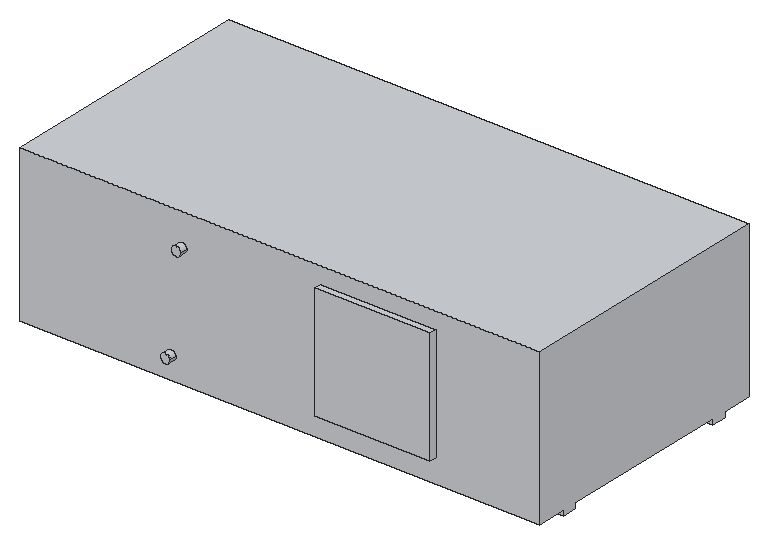
Revit family "819cdda3f25b415eb9470ed85c1f7159", category Mechanical Equipment, Revit 2021
Family settings
  Round Connector Dimension = Use Radius
  Part Type = Normal
  OmniClass Number = 23.75.10.21.17
  OmniClass Title = Water-Source Heat Pumps
  Seek Item ID = WSHP - Horizontal - 6 Tons - Left Return - Right Discharge-0000-USA-ENU
  Work Plane-Based = No
  Always vertical = Yes
  Cut with Voids When Loaded = No
  Shared = No
  Room Calculation Point = No
Parameters (values of type "6 Tons")
  Water Supply Radius = 5/8"
  Water Supply Diameter = Water Supply Radius * 2  # 1 1/4"
  Water Return Radius = 5/8"
  Water Return Diameter = Water Return Radius * 2  # 1 1/4"
  Water Pressure Drop [instance] = 3.80 psi
  Water Flow [instance] = 18 GPM
  Voltage = 460 V
  Supply Air Width = 16"
  Supply Air Height = 16"
  Return Air Width = 51"
  Return Air Height = 18 51/128"
  Pump Width = 3' - 0 77/256"
  Pump Material = none
  Pump Length = 6' - 0 77/256"
  Pump Height = 1' - 9 77/128"
  Number of Poles = 3
  Load Classification = Cooling
  Drain Flow [instance] = 0 GPM
  Default Elevation = 0' - 0"
  Condensate Radius = 3/8"
  Condensate Diameter = Condensate Radius * 2  # 3/4"
  C6 Offset 2 = 0' - 5 77/128"
  C6 Offset 1 = 0' - 2"
  C5 Offset 2 = 0' - 1"
  C5 Offset 1 = 1' - 7 77/128"
  C4 Offset 2 = 0' - 4"
  C4 Offset 1 = 1' - 2 1/2"
  C2 Offset 2 = 0' - 3 115/128"
  C2 Offset 1 = 1' - 9"
  C1 Offset 2 = 1' - 5 205/256"
  C1 Offset 1 = 1' - 10 1/2"
  Apparent Load = 5934 VA
  External Static Pressure [instance] = 1.10 in-wg
  Air Flow [instance] = 2400 CFM
Reference planes (in)
  plane 1 "Center (Front/Back)": y = 0
  plane 2: z = 0
  plane 3 "Center (Left/Right)": x = 0
  plane 4: x = 72.30078
  plane 5: y = 36.30078
  plane 6: z = 0.75
  plane 7: z = 22.35156
  plane 8: y = 30.15039
  plane 9: y = 6.15039
  plane 10: y = 18.15039
  plane 11: y = 32.15039
  plane 12: y = 4.15039
  plane 13: x = 57.80078
  plane 14: x = 41.80078
  plane 15: z = 4
  plane 16: z = 20
  plane 17: y = -1
  plane 18: x = 22.5
  plane 19: z = 17.80078
  plane 20: x = 21
  plane 21: z = 3.89844
  plane 22: z = 1.8
  plane 23: y = 32.10078
  plane 24: x = -1
  plane 25: z = 2.95312
  plane 26: z = 21.35156
  plane 27: x = 70.60156
  plane 28: x = 19.60156
  plane 29: y = 37.30078
  plane 30: z = 5.60156
  plane 31: y = 2
  plane 32: x = 1
Forms (in)
  Extrusion 1, solid, material <- "Pump Material"
    sketch origin (0, 0, 0) x (1, 0, 0) y (0, 1, 0)
      loop
        line (0, 0) -> (72.30078, 0) -> (72.30078, 36.30078) -> (0, 36.30078) -> (0, 0)
    from 0.75 to 22.35156
  Extrusion 2, solid, material <- "Pump Material"
    sketch origin (0, 0, 0) x (1, 0, 0) y (0, 1, 0)
      loop
        line (0, 32.15039) -> (0, 30.15039) -> (72.30078, 30.15039) -> (72.30078, 32.15039) -> (0, 32.15039)
    from 0 to 0.75
  Extrusion 3, solid, material <- "Pump Material"
    sketch origin (0, 0, 0) x (1, 0, 0) y (0, 1, 0)
      loop
        line (0, 6.15039) -> (0, 4.15039) -> (72.30078, 4.15039) -> (72.30078, 6.15039) -> (0, 6.15039)
    from 0 to 0.75
  Extrusion 4, solid, material <- "Pump Material"
    sketch origin (0, 0, 0) x (1, 0, 0) y (0, 0, 1)
      loop
        line (41.80078, 20) -> (41.80078, 4) -> (57.80078, 4) -> (57.80078, 20) -> (41.80078, 20)
    from 0 to 1
  Extrusion 5, solid, material <- "Pump Material"
    sketch origin (0, 0, 0) x (1, 0, 0) y (0, 0, 1)
      loop
        circle (22.5, 17.80078) r 0.625
    from 0 to 1
  Extrusion 6, solid, material <- "Pump Material"
    sketch origin (0, 0, 0) x (1, 0, 0) y (0, 0, 1)
      loop
        circle (21, 3.89844) r 0.625
    from 0 to 1
  Extrusion 7, solid, material <- "Pump Material"
    sketch origin (0, 0, 0) x (0, 1, 0) y (0, 0, 1)
      loop
        circle (32.10078, 1.8) r 0.375
    from 0 to -1
  Extrusion 8, solid, material <- "Pump Material"
    sketch origin (0, 0, 0) x (1, 0, 0) y (0, 0, 1)
      loop
        line (70.60156, 21.35156) -> (19.60156, 21.35156) -> (19.60156, 2.95313) -> (70.60156, 2.95313) -> (70.60156, 21.35156)
    from -36.30078 to -37.30078
  Extrusion 9, solid, material <- "Pump Material"
    sketch origin (0, 0, 0) x (0, 1, 0) y (0, 0, 1)
      loop
        circle (2, 5.60156) r 0.5
    from 0 to 1
Cuts and joins
  joined: Extrusion 1, Extrusion 2, Extrusion 3, Extrusion 4, Extrusion 5, Extrusion 6, Extrusion 7, Extrusion 8, Extrusion 9
Dimensions and locks (in)
  "Pump Length": plane 3 "Center (Left/Right)" to plane 4
  "Pump Width": plane 1 "Center (Front/Back)" to plane 5
  plane 6 to plane 2 = 0' - 0 3/4"
  "Pump Height": plane 7 to plane 6
  equal spacing: plane 5, plane 10, plane 1 "Center (Front/Back)"
  equal spacing: plane 8, plane 10, plane 9
  plane 8 to plane 9 = 2' - 0"
  locked: plane 11 to plane 8 at 2
  locked: plane 9 to plane 12 at 2
  "C4 Offset 1": plane 4 to plane 13
  "Supply Air Width": plane 13 to plane 14
  "C4 Offset 2": plane 15 to plane 2
  "Supply Air Height": plane 16 to plane 15
  locked: plane 17 to plane 1 "Center (Front/Back)" at 1
  "C2 Offset 2": plane 21 to plane 2
  "C2 Offset 1": plane 20 to plane 3 "Center (Left/Right)"
  "C1 Offset 2": plane 19 to plane 2
  "C1 Offset 1": plane 18 to plane 3 "Center (Left/Right)"
  locked: plane 22 to plane 2 at 1.8
  locked: plane 5 to plane 23 at 4.2
  locked: plane 24 to plane 3 "Center (Left/Right)" at 1
  "Return Air Height": plane 25 to plane 26
  "C5 Offset 1": plane 3 "Center (Left/Right)" to plane 28
  "Return Air Width": plane 28 to plane 27
  locked: plane 29 to plane 5 at 1
  "C6 Offset 2": plane 30 to plane 2
  "C6 Offset 1": plane 31 to plane 1 "Center (Front/Back)"
  locked: plane 3 "Center (Left/Right)" to plane 32 at 1
  "C5 Offset 2": plane 26 to plane 7
  "Water Supply Radius": radius of Extrusion 5 sketch curve
  "Water Return Radius": radius of Extrusion 6 sketch curve
  "Condensate Radius": radius of Extrusion 7 sketch curve
  radius of Extrusion 9 sketch curve = 0' - 0 1/2"
  aligned and locked: plane 5 to Extrusion 1
  aligned and locked: plane 4 to Extrusion 1
  aligned and locked: Extrusion 1 to plane 6
  aligned and locked: plane 7 to Extrusion 1
  aligned and locked: plane 11 to Extrusion 2
  aligned and locked: Extrusion 2 to plane 8
  aligned and locked: Extrusion 2 to plane 3 "Center (Left/Right)"
  aligned and locked: plane 4 to Extrusion 2
  aligned and locked: Extrusion 1 to plane 3 "Center (Left/Right)"
  aligned and locked: plane 1 "Center (Front/Back)" to Extrusion 1
  aligned and locked: plane 9 to Extrusion 3
  aligned and locked: Extrusion 3 to plane 12
  aligned and locked: Extrusion 3 to plane 3 "Center (Left/Right)"
  aligned and locked: plane 4 to Extrusion 3
  aligned and locked: plane 6 to Extrusion 3
  aligned and locked: plane 6 to Extrusion 2
  aligned and locked: Extrusion 3 to plane 2
  aligned and locked: Extrusion 2 to plane 2
  aligned and locked: plane 16 to Extrusion 4
  aligned and locked: Extrusion 4 to plane 15
  aligned and locked: Extrusion 4 to plane 14
  aligned and locked: plane 13 to Extrusion 4
  aligned and locked: Extrusion 4 to plane 1 "Center (Front/Back)"
  aligned and locked: Extrusion 4 to plane 17
  aligned and locked: plane 18 to Extrusion 5 sketch curve
  aligned and locked: Extrusion 5 sketch curve to plane 19
  aligned and locked: plane 20 to Extrusion 6 sketch curve
  aligned and locked: Extrusion 6 sketch curve to plane 21
  aligned and locked: Extrusion 5 to plane 17
  aligned and locked: Extrusion 6 to plane 17
  aligned and locked: plane 23 to Extrusion 7 sketch curve
  aligned and locked: plane 22 to Extrusion 7 sketch curve
  aligned and locked: Extrusion 7 to plane 3 "Center (Left/Right)"
  aligned and locked: Extrusion 7 to plane 24
  aligned and locked: Extrusion 8 to plane 26
  aligned and locked: Extrusion 8 to plane 25
  aligned and locked: Extrusion 8 to plane 27
  aligned and locked: plane 28 to Extrusion 8
  aligned and locked: Extrusion 8 to plane 29
  aligned and locked: Extrusion 8 to plane 5
  aligned and locked: plane 30 to Extrusion 9 sketch curve
  aligned and locked: plane 31 to Extrusion 9 sketch curve
  aligned and locked: Extrusion 9 to plane 3 "Center (Left/Right)"
  aligned and locked: plane 32 to Extrusion 9
Automatic sketch dimensions
  Extrusion 1 sketch curve to plane 3 "Center (Left/Right)" = 0' - 0"
  Extrusion 1 sketch curve to plane 4 = 0' - 0"
  Extrusion 1 sketch curve to plane 1 "Center (Front/Back)" = 0' - 0"
  Extrusion 1 sketch curve to plane 5 = 0' - 0"
  Extrusion 2 sketch curve to plane 3 "Center (Left/Right)" = 0' - 0"
  Extrusion 2 sketch curve to plane 4 = 0' - 0"
  Extrusion 2 sketch curve to plane 5 = 0' - 6.15039"
  Extrusion 2 sketch curve to Extrusion 2 sketch curve = 0' - 2"
  Extrusion 3 sketch curve to plane 12 = 0' - 0"
  plane 3 "Center (Left/Right)" to Extrusion 3 sketch curve = 0' - 0"
  Extrusion 3 sketch curve to plane 4 = 0' - 0"
  plane 9 to Extrusion 3 sketch curve = 0' - 0"
  Extrusion 4 sketch curve to plane 14 = 0' - 0"
  plane 13 to Extrusion 4 sketch curve = 0' - 0"
  plane 15 to Extrusion 4 sketch curve = 0' - 0"
  Extrusion 4 sketch curve to plane 16 = 0' - 0"
  plane 19 to Extrusion 8 sketch curve = 0' - 3 141/256"
  Extrusion 8 sketch curve to plane 18 = 0' - 2 115/128"
  plane 27 to Extrusion 8 sketch curve = 0' - 0"
  Extrusion 8 sketch curve to plane 15 = 0' - 1 3/64"
Connectors (in)
  piping at (22.5, -1, 17.80078), diameter 1.25, driven by "Water Supply Radius", driven by "Water Flow"
    settings: on Extrusion 5, index 1, connector inside diameter 1 1/4", connector length 0' - 0", flow factor 0, pipe flow 18 GPM, pressure drop 0.00 psi, fitting loss kfactor 0, connector angle 0.00°, fixture units 0, engagement length 0' - 0", angle of deflection 0.00°, flow configuration 1, flow direction 1, fitting loss method 0, system type 7, joint type 0, gender type 0, connector reference index 2, connector utility 0, adjustable connector no, is connector primary yes, connector description "Water Supply In"
  piping at (21, -1, 3.89844), diameter 1.25, driven by "Water Flow", driven by "Water Return Radius", driven by "Water Pressure Drop"
    settings: on Extrusion 6, index 2, connector inside diameter 1 1/4", connector length 0' - 0", flow factor 0, pipe flow 18 GPM, pressure drop 3.80 psi, fitting loss kfactor 0, connector angle 0.00°, fixture units 0, engagement length 0' - 0", angle of deflection 0.00°, flow configuration 1, flow direction 2, fitting loss method 4, system type 8, joint type 0, gender type 0, connector reference index 1, connector utility 0, adjustable connector no, is connector primary no, connector description "Water Return Out"
  piping at (-1, 32.10078, 1.8), diameter 0.75, driven by "Condensate Radius", driven by "Drain Flow"
    settings: on Extrusion 7, index 3, connector inside diameter 3/4", connector length 0' - 0", flow factor 0, pipe flow 0 GPM, pressure drop 0.00 psi, fitting loss kfactor 0, connector angle 0.00°, fixture units 0, engagement length 0' - 0", angle of deflection 0.00°, flow configuration 1, flow direction 2, fitting loss method 0, system type 16, joint type 0, gender type 0, connector reference index -1, connector utility 0, adjustable connector yes, is connector primary no, connector description "Condensate Out"
  hvac at (49.80078, -1, 12), driven by "Air Flow", driven by "Supply Air Height", driven by "Supply Air Width"
    settings: on Extrusion 4, index 4, duct flow 2400 CFM, flow factor 0, pres drop 0.00 in-wg, loss coef 0, conn angle 0.00°, conn width 16", conn height 16", conn diameter 24", duct sys type 1, conn prof type 1, flow config 0, flow direction 2, loss method 0, conn ref index 5, conn util no, is conn primary yes, conn desc ""
  hvac at (45.10156, 37.30078, 12.15234), driven by "Air Flow", driven by "Return Air Height", driven by "Return Air Width"
    settings: on Extrusion 8, index 5, duct flow 2400 CFM, flow factor 0, pres drop 0.00 in-wg, loss coef 0, conn angle 0.00°, conn width 51", conn height 18 51/128", conn diameter 24", duct sys type 2, conn prof type 1, flow config 0, flow direction 1, loss method 0, conn ref index 4, conn util no, is conn primary no, conn desc ""
  electrical at (0, 2, 5.60156), driven by "Apparent Load", driven by "Voltage", driven by "Number of Poles", driven by "Load Classification"
    settings: on Extrusion 9, index 6, voltage 460 V, apparent load 5934 VA, apparent load phase1 0 VA, apparent load phase2 0 VA, apparent load phase3 0 VA, power factor 0.8, load classification "Cooling", number of poles 3, system type 30, power factor state 1, is connector primary yes, connector utility no, sub classification motor no, connector description ""
